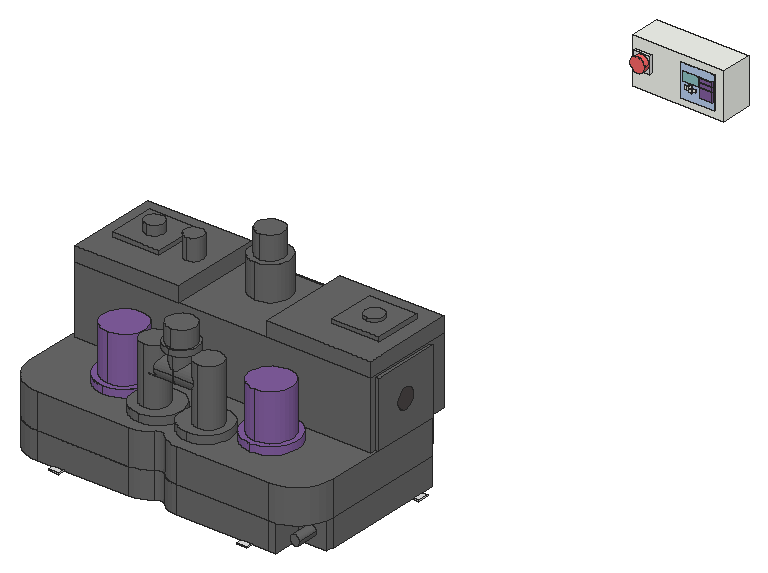
Revit family "11028", category Generic Models, Revit 2021
Family settings
  Can host rebar = No
  Round Connector Dimension = Use Diameter
  Part Type = Normal
  Work Plane-Based = No
  Always vertical = Yes
  Cut with Voids When Loaded = No
  Shared = Yes
  Room Calculation Point = No
Parameters (values of type "11028")
  SUPPLIER = "KESSEL"
  SA700ID49 = "Protection Class I"
  SA700ID48 = "no"
  SA700ID47 = "no"
  SA700ID46 = "yes"
  SA700ID37 = 8000 mm
  SA700ID34 = 40
  SA700ID33 = 1.4 W
  SA700ID32 = 108.79 kg
  SA700ID31 = 1
  SA700ID30 = 2
  SA700ID29 = "RWDR"
  SA700ID21 = 800
  SA700ID10 = "yes"
  SA700ID08 = 400 V
  PROCUREWEBLINK = "https://p.caden.as/kessel/11028"
  PROCURELINK = "p.caden.as/kessel/11028"
  PROCUREDATALASTUPDATE = "2024-05-22T12:17:49.497071152+01:00"
  PREVIEW = "../../_pool_/0c/50/11028.png"
  PRC_SPECIFICATIONLINK = "https://ausschreiben.de/catalog/kessel/catalogItem/b6e258f6-5da2-41d8-b64e-1c1fd999f329"
  NN = "Lifting station Aqualift F XL"
  NBSYN = "$SA810ID03."
  NB = "11028"
  Model = "11028"
  Manufacturer = "KESSEL"
  MIdent = "{$CADENAS_DATA/23d-libs/kessel/kessel_vdi_import/4/entwaesserung/hebeanlage20aqualift20f20xl.prj},201 {STYP=ASS},{VTYP=3D},{NB=11028},{LINA=11028},{NN=Lifting station Aqualift F XL},{DATE=21.11.2022 10:48:11},{GEOMDATE=21.11.2022 10:48:11},{VERSION=},{LINEID=250},{WBVAR=LODLEVEL},{WBNUMERIC=LODLEVEL}  {NB=11028},{LINA=11028},{KT=DUMMY},{PREVIEW=../../_pool_/0c/50/11028.png},{SA700ID04=Hebeanlage Aqualift F XL 300 l, Duo, SPF 1500-S3},{SA810ID06=04026092056950},{SA700ID34=40.00},{SA010ID03=201805},{SA810ID03=11028},{SA810ID10=Aqualift F XL 1500W-S3 Duo 300L o.S.KESSEL Aqualift F XL Hebeanlage für fäkalienhaltiges und fäkalienfreies Abwasser. Zur Aufstellung in frostgeschützten Räumen.Duoanlage mit zwei Pumpen des Typs SPF 1500-S3 Sammelbehälter aus Polyethylen, mit verschraubter Reinigungsöffnung,Anschlussstutzen für Zulauf von oben DN100/150.Inklusive Tauchrohr zur pneumatischen Niveauerfassung,Entlüftungsanschluss DN 70 und Anschluss für eine Handmembranpumpe DN 32.Behälter inklusive Haltewinkel zur Auftriebssicherung.Behältervolumen 300 Liter, max. Nutzvolumen bei Zulauf von oben ca. 175 Liter.Zwei seitliche und drei rückseitige Anbohrflächen zur Montage weiterer Zuläufe bis DN 200 unter Verwendung von Durchgangsdichtungen.Inklusive KESSEL Schaltgerät Aqualift Comfort 400 V.Anwenderfreundliche Menüführung im mehrzeiligem Display. MitSelbstdiagnosesystem (SDS) und Erinnerungsfunktion für nächste Wartung.Anzeige der aktuellen Messwerte. Einfache Einstellung derfunktionsrelevanten Parameter, inklusive Betriebsstundenzähler und potentialfreiem Kontakt. Optionale Weiterleitung von Alarm- und Sammelstörmeldung über GSM Schnittstelle.Schaltgerät mit Volltextanzeige in sechs Sprachen.Abwasserpumpe(n) mit Freistromrad zur Förderung von fäkalienfreiem und fäkalienhaltigem Abwasser gemäß DIN EN 12050-1. Freier Kugeldurchgang mindestens 40 mm. Pumpe(n) überflutungssicher.Inklusive Rückflussverhinderer, mit Druckabgang aus Kunststoff DN 100. Ohne Absperrschieber.Pumpe(n) Typ SPF 1500-S3Fördermenge: max. 40 m³/hFörderhöhe: max. 8 mNennleistung (P2): 1,1 KW je PumpeAufnahmeleistung (P1): 1,4 KW je PumpeBetriebsspannung: 400 V DSNennfrequenz: 50 HzNennstrom: 2,7 AAbsicherung: 3 x 16 A trägeSchutzart (Pumpe): IP68 3mWS/48hSchutzart (Schaltgerät): IP 65Bertiebsart: S3 (50 % Einschaltdauer)Kabellänge: 5 mAußenmaße Anlage mit 300 Liter Behälter (BxTxH): 1260 x 760 x 770 mm},{SA700ID37=8.00},{SA700ID33=1.40},{SA700ID08=400},{SA700ID30=2},{SA700ID32=108.79},{SA700ID49=Schutzklasse I},{SA700ID50=intern},{SA200ID03=6},{SA250ID03=vertikal},{SA260ID03=Trockenläuferpumpe},{SA350ID03=normalansaugend},{SA400ID03=E-Motor für Drehstrom},{SA460ID03=direkt},{SA500ID03=Kunststoff, Edelstahl},{SA700ID06=100},{SA700ID07=100},{SA700ID09=3/N/PE 400V},{SA700ID10=Ja},{SA700ID11=50},{SA700ID12=IP 68},{SA700ID13=F},{SA700ID15=40},{SA700ID21=800.00},{SA700ID22=1.10},{SA700ID23=1415},{SA700ID24=1415},{SA700ID26=2.70},{SA700ID27=21.00},{SA700ID28=durchgehend},{SA700ID29=RWDR},{SA700ID31=1},{SA700ID46=ja},{SA700ID47=nein},{SA700ID48=nein},{SA110ID04=Hebeanlage Aqualift F XL},{SA300ID03=einstufig},{SA700ID44=10.00},{SA700ID45=10.00},{SA010ID04=KESSEL AG},{LODLEVEL=200},{LINK=https://www.kessel.de/info?han=11028},{SA970ID01=970},{SA970ID02=7173},{SA970ID03=11028},{SA970ID04=11002617},{SA970ID05=QUAD},{SA970ID06=-655.51},{SA970ID07=-635.99},{SA970ID08=0},{SA970ID09=1},{SA970ID10=0},{SA970ID11=0},{SA970ID12=0},{SA970ID13=1},{SA970ID14=0},{SA970ID15=1311.02},{SA970ID16=785.99},{SA970ID17=771},{LODLEVEL_=200,'Low'},{LODLEVEL_DEU=200,'Low'},{LINK_=https://www.kessel.de/info?han=11028},{LINK_DEU=https://www.kessel.de/info?han=11028},{LODLEVEL_3DB=11028_200},{DNIN1=100},{DNIN2=70},{DNIN4=10},{DNIN5=10},{DNIN6=50},{DNIN7=50},{DNIN8=50},{DNIN9=50},{DNOUT1=32},{DNOUT2=100},{DNOUT3=70},{ISD1=96},{ISD2=10},{ISDOUT1=40},{ISDOUT2=85},{ISDOUT3=70},{SA010ID01=010},{SA010ID02=4},{SA010ID06=www.kessel.de},{SA010ID07=www.kessel.de},{SA010ID12=20180713},{SA010ID13=DEU},{SA010ID14=DE},{SA100ID01=100},{SA100ID02=4},{SA100ID04=Entwässerung},{SA110ID01=110},{SA110ID02=6},{SA200ID01=200},{SA200ID02=6},{SA250ID01=250},{SA250ID02=2},{SA260ID01=260},{SA260ID02=2},{SA300ID01=300},{SA300ID02=1},{SA350ID01=350},{SA350ID02=1},{SA400ID01=400},{SA400ID02=2},{SA460ID01=460},{SA460ID02=1},{SA500ID01=500},{SA500ID02=1},{SA700ID01=700},{SA700ID02=47},{SA700ID10_=1},{SA700ID16=0},{SA700ID25=0},{SA700ID46_=1},{SA700ID47_=0},{SA700ID48_=0},{SA700ID49_=1},{SA700ID50_=2},{SA800ID01=800},{SA800ID02=11},{SA810ID01=810},{SA810ID02=47},{SA810ID04=11028},{SA810ID07=47},{SA810ID09=1},{SA810ID14=PCE},{SA810ID15=1},{SA810ID16=NMP},{SA960ID03=47},{SA960ID04=3L},{SA960ID08=https://www.kessel.de/info?han=11028},{SA010ID08=4026092000007},{SA100ID05=Hebeanlage},{SA110ID06=Hebeanlage}"
  LINK = "https://www.kessel.de/info?han=11028"
  LINA = "11028"
  Default Elevation = 0 mm
  CREATOR = "CADENAS GmbH"
  CATALOG = "KESSEL"
  BOMINFO = "LINA"
  ARTICLENO = "NB"
  4.810.00.9 Order quantity (multiplicator) = "1"
  4.810.00.7 Media- connection number = "47"
  4.810.00.6 GTIN number = "04026092056950"
  4.810.00.4 DATANORM number = "11028"
  4.810.00.3 Producer order number = "11028"
  4.710.03.7 Mass (net) = 108.79 kg
  4.710.03.6 Height = 770 mm
  4.710.03.5 Width = 760 mm
  4.710.03.4 Length = 1260 mm
  4.710.03.3 Type of dimensions = "2"
  4.710.02.8 Area of application of wastewater pump = "1"
  4.710.02.7 Art des S2/S3-Betriebs = "50 %"
  4.710.02.6 Duty type = "S3"
  4.710.02.5 Cutting device = "0"
  4.710.02.4 Attached pump control = "1"
  4.710.02.3 Free passage = 40 mm
  4.710.01.6 Option to connect to building automation = "40"
  4.710.01.5 Load regulation = "0"
  4.710.01.4 Designation of closed-loop control = "175"
  4.710.01.3 Identifier for closed-loop control = "300"
  4.700.00.9 Voltage = 0
  4.700.00.8 Nominal connection size on suction side = "100"
  4.700.00.7 Nominal connection size on pressure side = "100"
  4.700.00.6 Type of connection = "100"
  4.700.00.4 Product indentification = "Hebeanlage Aqualift F XL 300 l, Duo, SPF 1500-S3"
  4.700.00.28 Motor pump shaft = "durchgehend"
  4.700.00.27 Starting current = 21
  4.700.00.26 Maximum power consumption per pump / drive = 2.7
  4.700.00.25 Minimum speed at internal speed adjustment = 0
  4.700.00.24 Nominal speed / maximum speed n = 23.5833
  4.700.00.23 Nominal speed of motor = 23.5833
  4.700.00.22 Maximum shaft output (P2) per pump/drive = 1.1 W
  4.700.00.16 Maximum temperature of pumped medium = 0 °C
  4.700.00.15 Increased safety class = "40 °C"
  4.700.00.13 Type of protection = "F"
  4.700.00.12 Frequency = 0
  4.700.00.11 Stern-/Dreieck-Anlaufschaltung bei Dreiphasenanschluss oder Drehstrom = "50 Hz"
  4.700.00.10 Phase = "1"
  4.500.00.3 Variant / Variant type / Accessories-name = "Kunststoff, Edelstahl"
  4.460.00.3 Variant / Variant type / Accessories-name = "direkt"
  4.400.00.3 Variant / Variant type / Accessories-name = "E-Motor für Drehstrom"
  4.350.00.3 Variant / Variant type / Accessories-name = "normalansaugend"
  4.300.00.3 Variant / Variant type / Accessories-name = "einstufig"
  4.260.00.3 Variant / Variant type / Accessories-name = "Trockenläuferpumpe"
  4.250.00.3 Variant / Variant type / Accessories-name = "vertikal"
  4.200.00.3 Variant / Variant type / Accessories-name = "6"
  4.110.00.6 Product classification = "Hebeanlage"
  4.110.00.4 Product indentification = "Hebeanlage Aqualift F XL"
  4.100.00.5 Main groups of wares = "Hebeanlage"
  4.100.00.4 Product indentification = "Entwässerung"
  4.010.00.8 Producer ID number = "4026092000007"
  4.010.00.7 Comment = "www.kessel.de"
  4.010.00.6 Web address of the manufacturer = "www.kessel.de"
  4.010.00.4 Manufacturer name = "KESSEL AG"
  4.010.00.3 Date of issuance (month) of guideline = "201805"
  4.010.00.2 Sheet number of the guideline = "4"
  4.010.00.14 Kennungen der Projektländer, für die die Datei gültig ist = "DE"
  4.010.00.13 Sprache der Datei = "DEU"
  4.010.00.12 Stand des Herstellerkatalogs = "20180713"
Reference planes
  plane 1 "Center (Front/Back)": y = 0
  plane 2: z = 0
  plane 3 "Center (Left/Right)": x = 0
Dimensions and locks
  aligned and locked: level to plane 2
Nested families
  nested 1: "11028_content" at (0, 0, 0), type "11028_Content"
  nested 2: "11028_part1_X0Y0" at (1000, 1000, 1200), type "11028_PART1_X0Y0"
  nested 3: "11028_part2_X0Y0" at (0, 0, 0), type "11028_PART2_X0Y0"
Connectors
  electrical at (861, 933, 1201.5)
    settings: on nested 2, index 1, voltage 0 V, apparent load 0 VA, apparent load phase1 0 VA, apparent load phase2 0 VA, apparent load phase3 0 VA, power factor 1, load classification "Other", number of poles 1, system type 31, power factor state 1, is connector primary yes, connector utility no, sub classification motor no, connector description ""
  piping at (0, 0, 771), diameter 100
    settings: on nested 3, index 2, connector inside diameter 609.6 mm, connector length 0 mm, flow factor 0, pipe flow 0.0 L/s, pressure drop 0.0 Pa, fitting loss kfactor 0, connector angle 0.00°, fixture units 0, engagement length 0 mm, angle of deflection 0.00°, flow configuration 0, flow direction 1, fitting loss method 2, system type 8, joint type 0, gender type 0, connector reference index -1, connector utility 0, adjustable connector no, is connector primary yes, connector description ""
  piping at (631, -85, 392), diameter 70
    settings: on nested 3, index 3, connector inside diameter 609.6 mm, connector length 0 mm, flow factor 0, pipe flow 0.0 L/s, pressure drop 0.0 Pa, fitting loss kfactor 0, connector angle 0.00°, fixture units 0, engagement length 0 mm, angle of deflection 0.00°, flow configuration 0, flow direction 0, fitting loss method 2, system type 8, joint type 0, gender type 0, connector reference index -1, connector utility 0, adjustable connector no, is connector primary no, connector description ""
  piping at (358.7, 150.5, 392), diameter 70
    settings: on nested 3, index 4, connector inside diameter 609.6 mm, connector length 0 mm, flow factor 0, pipe flow 0.0 L/s, pressure drop 0.0 Pa, fitting loss kfactor 0, connector angle 0.00°, fixture units 0, engagement length 0 mm, angle of deflection 0.00°, flow configuration 0, flow direction 0, fitting loss method 2, system type 8, joint type 0, gender type 0, connector reference index -1, connector utility 0, adjustable connector no, is connector primary no, connector description ""
  piping at (0, 150.5, 392), diameter 70
    settings: on nested 3, index 5, connector inside diameter 609.6 mm, connector length 0 mm, flow factor 0, pipe flow 0.0 L/s, pressure drop 0.0 Pa, fitting loss kfactor 0, connector angle 0.00°, fixture units 0, engagement length 0 mm, angle of deflection 0.00°, flow configuration 0, flow direction 0, fitting loss method 2, system type 8, joint type 0, gender type 0, connector reference index -1, connector utility 0, adjustable connector no, is connector primary no, connector description ""
  piping at (-357.7, 150.5, 392), diameter 70
    settings: on nested 3, index 6, connector inside diameter 609.6 mm, connector length 0 mm, flow factor 0, pipe flow 0.0 L/s, pressure drop 0.0 Pa, fitting loss kfactor 0, connector angle 0.00°, fixture units 0, engagement length 0 mm, angle of deflection 0.00°, flow configuration 0, flow direction 0, fitting loss method 2, system type 8, joint type 0, gender type 0, connector reference index -1, connector utility 0, adjustable connector no, is connector primary no, connector description ""
  piping at (-630, -85, 392), diameter 70
    settings: on nested 3, index 7, connector inside diameter 609.6 mm, connector length 0 mm, flow factor 0, pipe flow 0.0 L/s, pressure drop 0.0 Pa, fitting loss kfactor 0, connector angle 0.00°, fixture units 0, engagement length 0 mm, angle of deflection 0.00°, flow configuration 0, flow direction 0, fitting loss method 2, system type 8, joint type 0, gender type 0, connector reference index -1, connector utility 0, adjustable connector no, is connector primary no, connector description ""
  piping at (0, -460, 620), diameter 100
    settings: on nested 3, index 8, connector inside diameter 609.6 mm, connector length 0 mm, flow factor 0, pipe flow 0.0 L/s, pressure drop 0.0 Pa, fitting loss kfactor 0, connector angle 0.00°, fixture units 0, engagement length 0 mm, angle of deflection 0.00°, flow configuration 0, flow direction 2, fitting loss method 2, system type 7, joint type 0, gender type 0, connector reference index -1, connector utility 0, adjustable connector no, is connector primary no, connector description ""
  piping at (-269.5, -60, 681), diameter 70
    settings: on nested 3, index 9, connector inside diameter 609.6 mm, connector length 0 mm, flow factor 0, pipe flow 0.0 L/s, pressure drop 0.0 Pa, fitting loss kfactor 0, connector angle 0.00°, fixture units 0, engagement length 0 mm, angle of deflection 0.00°, flow configuration 0, flow direction 2, fitting loss method 2, system type 7, joint type 0, gender type 0, connector reference index -1, connector utility 0, adjustable connector no, is connector primary no, connector description ""
  piping at (565, -575.5, 56), diameter 32
    settings: on nested 3, index 10, connector inside diameter 609.6 mm, connector length 0 mm, flow factor 0, pipe flow 0.0 L/s, pressure drop 0.0 Pa, fitting loss kfactor 0, connector angle 0.00°, fixture units 0, engagement length 0 mm, angle of deflection 0.00°, flow configuration 0, flow direction 2, fitting loss method 2, system type 7, joint type 0, gender type 0, connector reference index -1, connector utility 0, adjustable connector no, is connector primary no, connector description ""
  electrical at (305.4, -376.25, 477)
    settings: on nested 3, index 11, voltage 0 V, apparent load 0 VA, apparent load phase1 0 VA, apparent load phase2 0 VA, apparent load phase3 0 VA, power factor 1, load classification "Other", number of poles 1, system type 31, power factor state 1, is connector primary no, connector utility no, sub classification motor no, connector description ""
  electrical at (-305.4, -376.25, 477)
    settings: on nested 3, index 12, voltage 0 V, apparent load 0 VA, apparent load phase1 0 VA, apparent load phase2 0 VA, apparent load phase3 0 VA, power factor 1, load classification "Other", number of poles 1, system type 31, power factor state 1, is connector primary no, connector utility no, sub classification motor no, connector description ""
  electrical at (-457, -29.5, 650)
    settings: on nested 3, index 13, voltage 0 V, apparent load 0 VA, apparent load phase1 0 VA, apparent load phase2 0 VA, apparent load phase3 0 VA, power factor 1, load classification "Other", number of poles 1, system type 31, power factor state 1, is connector primary no, connector utility no, sub classification motor no, connector description ""
Definition of nested family "11028_part1_X0Y0"
  Parameters (values of type "11028_PART1_X0Y0")
    SUPPLIER = "KESSEL"
    SA700ID49 = "Protection Class I"
    SA700ID48 = "no"
    SA700ID47 = "no"
    SA700ID46 = "yes"
    SA700ID37 = 8000 mm
    SA700ID34 = 40
    SA700ID33 = 1.4 W
    SA700ID32 = 108.79 kg
    SA700ID31 = 1
    SA700ID30 = 2
    SA700ID29 = "RWDR"
    SA700ID21 = 800
    SA700ID10 = "yes"
    SA700ID08 = 400 V
    PREVIEW = "../../_pool_/0c/50/11028.png"
    NBSYN = "$SA810ID03._PART1"
    NB = "11028_PART1"
    Model = "11028_PART1"
    Manufacturer = "KESSEL"
    MIdent = "{$CADENAS_DATA/23d-libs/kessel/kessel_vdi_import/4/entwaesserung/hebeanlage20aqualift20f20xl.prj},221 {VTYP=3D},{NB=11028_PART1},{LINA=11028_PART1},{NN=Lifting station Aqualift F XL_PART1},{NOPRJ=TRUE},{DATE=21.11.2022 10:48:11},{GEOMDATE=21.11.2022 10:48:11},{VERSION=},{LINEID=250},{WBVAR=LODLEVEL},{WBNUMERIC=LODLEVEL}  {NB=11028_PART1},{LINA=11028_PART1},{KT=DUMMY},{PREVIEW=../../_pool_/0c/50/11028.png},{SA700ID04=Hebeanlage Aqualift F XL 300 l, Duo, SPF 1500-S3},{SA810ID06=04026092056950},{SA700ID34=40.00},{SA010ID03=201805},{SA810ID03=11028},{SA810ID10=Aqualift F XL 1500W-S3 Duo 300L o.S.KESSEL Aqualift F XL Hebeanlage für fäkalienhaltiges und fäkalienfreies Abwasser. Zur Aufstellung in frostgeschützten Räumen.Duoanlage mit zwei Pumpen des Typs SPF 1500-S3 Sammelbehälter aus Polyethylen, mit verschraubter Reinigungsöffnung,Anschlussstutzen für Zulauf von oben DN100/150.Inklusive Tauchrohr zur pneumatischen Niveauerfassung,Entlüftungsanschluss DN 70 und Anschluss für eine Handmembranpumpe DN 32.Behälter inklusive Haltewinkel zur Auftriebssicherung.Behältervolumen 300 Liter, max. Nutzvolumen bei Zulauf von oben ca. 175 Liter.Zwei seitliche und drei rückseitige Anbohrflächen zur Montage weiterer Zuläufe bis DN 200 unter Verwendung von Durchgangsdichtungen.Inklusive KESSEL Schaltgerät Aqualift Comfort 400 V.Anwenderfreundliche Menüführung im mehrzeiligem Display. MitSelbstdiagnosesystem (SDS) und Erinnerungsfunktion für nächste Wartung.Anzeige der aktuellen Messwerte. Einfache Einstellung derfunktionsrelevanten Parameter, inklusive Betriebsstundenzähler und potentialfreiem Kontakt. Optionale Weiterleitung von Alarm- und Sammelstörmeldung über GSM Schnittstelle.Schaltgerät mit Volltextanzeige in sechs Sprachen.Abwasserpumpe(n) mit Freistromrad zur Förderung von fäkalienfreiem und fäkalienhaltigem Abwasser gemäß DIN EN 12050-1. Freier Kugeldurchgang mindestens 40 mm. Pumpe(n) überflutungssicher.Inklusive Rückflussverhinderer, mit Druckabgang aus Kunststoff DN 100. Ohne Absperrschieber.Pumpe(n) Typ SPF 1500-S3Fördermenge: max. 40 m³/hFörderhöhe: max. 8 mNennleistung (P2): 1,1 KW je PumpeAufnahmeleistung (P1): 1,4 KW je PumpeBetriebsspannung: 400 V DSNennfrequenz: 50 HzNennstrom: 2,7 AAbsicherung: 3 x 16 A trägeSchutzart (Pumpe): IP68 3mWS/48hSchutzart (Schaltgerät): IP 65Bertiebsart: S3 (50 % Einschaltdauer)Kabellänge: 5 mAußenmaße Anlage mit 300 Liter Behälter (BxTxH): 1260 x 760 x 770 mm},{SA700ID37=8.00},{SA700ID33=1.40},{SA700ID08=400},{SA700ID30=2},{SA700ID32=108.79},{SA700ID49=Schutzklasse I},{SA700ID50=intern},{SA200ID03=6},{SA250ID03=vertikal},{SA260ID03=Trockenläuferpumpe},{SA350ID03=normalansaugend},{SA400ID03=E-Motor für Drehstrom},{SA460ID03=direkt},{SA500ID03=Kunststoff, Edelstahl},{SA700ID06=100},{SA700ID07=100},{SA700ID09=3/N/PE 400V},{SA700ID10=Ja},{SA700ID11=50},{SA700ID12=IP 68},{SA700ID13=F},{SA700ID15=40},{SA700ID21=800.00},{SA700ID22=1.10},{SA700ID23=1415},{SA700ID24=1415},{SA700ID26=2.70},{SA700ID27=21.00},{SA700ID28=durchgehend},{SA700ID29=RWDR},{SA700ID31=1},{SA700ID46=ja},{SA700ID47=nein},{SA700ID48=nein},{SA110ID04=Hebeanlage Aqualift F XL},{SA300ID03=einstufig},{SA700ID44=10.00},{SA700ID45=10.00},{SA010ID04=KESSEL AG},{LODLEVEL=200},{LINK=https://www.kessel.de/info?han=11028},{SA970ID01=970},{SA970ID02=7173},{SA970ID03=11028},{SA970ID04=11002617},{SA970ID05=QUAD},{SA970ID06=-655.51},{SA970ID07=-635.99},{SA970ID08=0},{SA970ID09=1},{SA970ID10=0},{SA970ID11=0},{SA970ID12=0},{SA970ID13=1},{SA970ID14=0},{SA970ID15=1311.02},{SA970ID16=785.99},{SA970ID17=771},{LODLEVEL_=200,'Low'},{LODLEVEL_DEU=200,'Low'},{LINK_=https://www.kessel.de/info?han=11028},{LINK_DEU=https://www.kessel.de/info?han=11028},{LODLEVEL_3DB=11028_200},{DNIN1=100},{DNIN2=70},{DNIN4=10},{DNIN5=10},{DNIN6=50},{DNIN7=50},{DNIN8=50},{DNIN9=50},{DNOUT1=32},{DNOUT2=100},{DNOUT3=70},{ISD1=96},{ISD2=10},{ISDOUT1=40},{ISDOUT2=85},{ISDOUT3=70},{SA010ID01=010},{SA010ID02=4},{SA010ID06=www.kessel.de},{SA010ID07=www.kessel.de},{SA010ID12=20180713},{SA010ID13=DEU},{SA010ID14=DE},{SA100ID01=100},{SA100ID02=4},{SA100ID04=Entwässerung},{SA110ID01=110},{SA110ID02=6},{SA200ID01=200},{SA200ID02=6},{SA250ID01=250},{SA250ID02=2},{SA260ID01=260},{SA260ID02=2},{SA300ID01=300},{SA300ID02=1},{SA350ID01=350},{SA350ID02=1},{SA400ID01=400},{SA400ID02=2},{SA460ID01=460},{SA460ID02=1},{SA500ID01=500},{SA500ID02=1},{SA700ID01=700},{SA700ID02=47},{SA700ID10_=1},{SA700ID16=0},{SA700ID25=0},{SA700ID46_=1},{SA700ID47_=0},{SA700ID48_=0},{SA700ID49_=1},{SA700ID50_=2},{SA800ID01=800},{SA800ID02=11},{SA810ID01=810},{SA810ID02=47},{SA810ID04=11028},{SA810ID07=47},{SA810ID09=1},{SA810ID14=PCE},{SA810ID15=1},{SA810ID16=NMP},{SA960ID03=47},{SA960ID04=3L},{SA960ID08=https://www.kessel.de/info?han=11028},{SA010ID08=4026092000007},{SA100ID05=Hebeanlage},{SA110ID06=Hebeanlage}"
    LINK = "https://www.kessel.de/info?han=11028"
    LINA = "11028_PART1"
    Default Elevation = 1219.2 mm
    CREATOR = "CADENAS GmbH"
    CATALOG = "KESSEL"
    BOMINFO = "LINA"
    ARTICLENO = "NB"
    4.810.00.9 Order quantity (multiplicator) = "1"
    4.810.00.7 Media- connection number = "47"
    4.810.00.6 GTIN number = "04026092056950"
    4.810.00.4 DATANORM number = "11028"
    4.810.00.3 Producer order number = "11028"
    4.710.03.7 Mass (net) = 108.79 kg
    4.710.03.6 Height = 770 mm
    4.710.03.5 Width = 760 mm
    4.710.03.4 Length = 1260 mm
    4.710.03.3 Type of dimensions = "2"
    4.710.02.8 Area of application of wastewater pump = "1"
    4.710.02.7 Art des S2/S3-Betriebs = "50 %"
    4.710.02.6 Duty type = "S3"
    4.710.02.5 Cutting device = "0"
    4.710.02.4 Attached pump control = "1"
    4.710.02.3 Free passage = 40 mm
    4.710.01.6 Option to connect to building automation = "40"
    4.710.01.5 Load regulation = "0"
    4.710.01.4 Designation of closed-loop control = "175"
    4.710.01.3 Identifier for closed-loop control = "300"
    4.700.00.9 Voltage = 0
    4.700.00.8 Nominal connection size on suction side = "100"
    4.700.00.7 Nominal connection size on pressure side = "100"
    4.700.00.6 Type of connection = "100"
    4.700.00.4 Product indentification = "Hebeanlage Aqualift F XL 300 l, Duo, SPF 1500-S3"
    4.700.00.28 Motor pump shaft = "durchgehend"
    4.700.00.27 Starting current = 21
    4.700.00.26 Maximum power consumption per pump / drive = 2.7
    4.700.00.25 Minimum speed at internal speed adjustment = 0
    4.700.00.24 Nominal speed / maximum speed n = 23.5833
    4.700.00.23 Nominal speed of motor = 23.5833
    4.700.00.22 Maximum shaft output (P2) per pump/drive = 1.1 W
    4.700.00.16 Maximum temperature of pumped medium = 0 °C
    4.700.00.15 Increased safety class = "40 °C"
    4.700.00.13 Type of protection = "F"
    4.700.00.12 Frequency = 0
    4.700.00.11 Stern-/Dreieck-Anlaufschaltung bei Dreiphasenanschluss oder Drehstrom = "50 Hz"
    4.700.00.10 Phase = "1"
    4.500.00.3 Variant / Variant type / Accessories-name = "Kunststoff, Edelstahl"
    4.460.00.3 Variant / Variant type / Accessories-name = "direkt"
    4.400.00.3 Variant / Variant type / Accessories-name = "E-Motor für Drehstrom"
    4.350.00.3 Variant / Variant type / Accessories-name = "normalansaugend"
    4.300.00.3 Variant / Variant type / Accessories-name = "einstufig"
    4.260.00.3 Variant / Variant type / Accessories-name = "Trockenläuferpumpe"
    4.250.00.3 Variant / Variant type / Accessories-name = "vertikal"
    4.200.00.3 Variant / Variant type / Accessories-name = "6"
    4.110.00.6 Product classification = "Hebeanlage"
    4.110.00.4 Product indentification = "Hebeanlage Aqualift F XL"
    4.100.00.5 Main groups of wares = "Hebeanlage"
    4.100.00.4 Product indentification = "Entwässerung"
    4.010.00.8 Producer ID number = "4026092000007"
    4.010.00.7 Comment = "www.kessel.de"
    4.010.00.6 Web address of the manufacturer = "www.kessel.de"
    4.010.00.4 Manufacturer name = "KESSEL AG"
    4.010.00.3 Date of issuance (month) of guideline = "201805"
    4.010.00.2 Sheet number of the guideline = "4"
    4.010.00.14 Kennungen der Projektländer, für die die Datei gültig ist = "DE"
    4.010.00.13 Sprache der Datei = "DEU"
    4.010.00.12 Stand des Herstellerkatalogs = "20180713"
  Reference planes
    plane 1 "Center (Front/Back)": y = 0
    plane 2: z = 0
    plane 3 "Center (Left/Right)": x = 0
  Dimensions and locks
    aligned and locked: level to plane 2
  Nested families
    nested 1: "11028_part1_content" at (0, 0, 0), type "11028_PART1_Content"
  Definition of nested family "11028_part1_content"
    Parameters (values of type "11028_PART1_Content")
      SUPPLIER = "KESSEL"
      SA700ID49 = "Protection Class I"
      SA700ID48 = "no"
      SA700ID47 = "no"
      SA700ID46 = "yes"
      SA700ID37 = 8000 mm
      SA700ID34 = 40
      SA700ID33 = 1.4 W
      SA700ID32 = 108.79 kg
      SA700ID31 = 1
      SA700ID30 = 2
      SA700ID29 = "RWDR"
      SA700ID21 = 800
      SA700ID10 = "yes"
      SA700ID08 = 400 V
      PREVIEW = "../../_pool_/0c/50/11028.png"
      NBSYN = "$SA810ID03._PART1"
      NB = "11028_PART1"
      Model = "11028_PART1"
      Manufacturer = "KESSEL"
      LINK = "https://www.kessel.de/info?han=11028"
      LINA = "11028_PART1"
      Default Elevation = 1219.2 mm
      CREATOR = "CADENAS GmbH"
      CATALOG = "KESSEL"
      BOMINFO = "LINA"
      ARTICLENO = "NB"
      4.810.00.9 Order quantity (multiplicator) = "1"
      4.810.00.7 Media- connection number = "47"
      4.810.00.6 GTIN number = "04026092056950"
      4.810.00.4 DATANORM number = "11028"
      4.810.00.3 Producer order number = "11028"
      4.710.03.7 Mass (net) = 108.79 kg
      4.710.03.6 Height = 770 mm
      4.710.03.5 Width = 760 mm
      4.710.03.4 Length = 1260 mm
      4.710.03.3 Type of dimensions = "2"
      4.710.02.8 Area of application of wastewater pump = "1"
      4.710.02.7 Art des S2/S3-Betriebs = "50 %"
      4.710.02.6 Duty type = "S3"
      4.710.02.5 Cutting device = "0"
      4.710.02.4 Attached pump control = "1"
      4.710.02.3 Free passage = 40 mm
      4.710.01.6 Option to connect to building automation = "40"
      4.710.01.5 Load regulation = "0"
      4.710.01.4 Designation of closed-loop control = "175"
      4.710.01.3 Identifier for closed-loop control = "300"
      4.700.00.9 Voltage = 0
      4.700.00.8 Nominal connection size on suction side = "100"
      4.700.00.7 Nominal connection size on pressure side = "100"
      4.700.00.6 Type of connection = "100"
      4.700.00.4 Product indentification = "Hebeanlage Aqualift F XL 300 l, Duo, SPF 1500-S3"
      4.700.00.28 Motor pump shaft = "durchgehend"
      4.700.00.27 Starting current = 21
      4.700.00.26 Maximum power consumption per pump / drive = 2.7
      4.700.00.25 Minimum speed at internal speed adjustment = 0
      4.700.00.24 Nominal speed / maximum speed n = 23.5833
      4.700.00.23 Nominal speed of motor = 23.5833
      4.700.00.22 Maximum shaft output (P2) per pump/drive = 1.1 W
      4.700.00.16 Maximum temperature of pumped medium = 0 °C
      4.700.00.15 Increased safety class = "40 °C"
      4.700.00.13 Type of protection = "F"
      4.700.00.12 Frequency = 0
      4.700.00.11 Stern-/Dreieck-Anlaufschaltung bei Dreiphasenanschluss oder Drehstrom = "50 Hz"
      4.700.00.10 Phase = "1"
      4.500.00.3 Variant / Variant type / Accessories-name = "Kunststoff, Edelstahl"
      4.460.00.3 Variant / Variant type / Accessories-name = "direkt"
      4.400.00.3 Variant / Variant type / Accessories-name = "E-Motor für Drehstrom"
      4.350.00.3 Variant / Variant type / Accessories-name = "normalansaugend"
      4.300.00.3 Variant / Variant type / Accessories-name = "einstufig"
      4.260.00.3 Variant / Variant type / Accessories-name = "Trockenläuferpumpe"
      4.250.00.3 Variant / Variant type / Accessories-name = "vertikal"
      4.200.00.3 Variant / Variant type / Accessories-name = "6"
      4.110.00.6 Product classification = "Hebeanlage"
      4.110.00.4 Product indentification = "Hebeanlage Aqualift F XL"
      4.100.00.5 Main groups of wares = "Hebeanlage"
      4.100.00.4 Product indentification = "Entwässerung"
      4.010.00.8 Producer ID number = "4026092000007"
      4.010.00.7 Comment = "www.kessel.de"
      4.010.00.6 Web address of the manufacturer = "www.kessel.de"
      4.010.00.4 Manufacturer name = "KESSEL AG"
      4.010.00.3 Date of issuance (month) of guideline = "201805"
      4.010.00.2 Sheet number of the guideline = "4"
      4.010.00.14 Kennungen der Projektländer, für die die Datei gültig ist = "DE"
      4.010.00.13 Sprache der Datei = "DEU"
      4.010.00.12 Stand des Herstellerkatalogs = "20180713"
    Reference planes
      plane 1 "Center (Front/Back)": y = 0
      plane 2: z = 0
      plane 3 "Center (Left/Right)": x = 0
    Forms (mm)
      Extrusion 1, solid, detail levels medium+fine
        sketch origin (189.25, -1.75, 0.2) x (0, -1, 0) y (0, 0, 1)
          loop
            line (0, 187.8) -> (0, 0) -> (127.75, 0) -> (127.75, 187.8) -> (0, 187.8)
        from 0 to 378.5
      Extrusion 2, solid, detail levels medium+fine
        sketch origin (-4, -67, 0) x (0, 1, 0) y (-1, 0, 0)
          loop
            circle (0, 0) r 12.5
        from 0 to 1.5
      Extrusion 3, solid, detail levels medium+fine
        sketch origin (150.8, -129.5, 26.5) x (0, -1, 0) y (0, 0, 1)
          loop
            line (-1.2, 134.8) -> (-1.2, 0) -> (0.25, 0) -> (0.25, 134.8) -> (-1.2, 134.8)
        from 0 to 139.9
      Extrusion 4, solid, detail levels medium+fine
        sketch origin (72.55, -129.75, 66) x (0, -1, 0) y (0, 0, 1)
          loop
            line (-1, 12) -> (-1, 0) -> (0.5, 0) -> (0.5, 12) -> (-1, 12)
        from 0 to 12
      Extrusion 5, solid, detail levels medium+fine
        sketch origin (84.45, -129.75, 93.4) x (0, -1, 0) y (0, 0, 1)
          loop
            line (-1, 37) -> (-1, 0) -> (0.5, 0) -> (0.5, 37) -> (-1, 37)
        from 0 to 66
      Extrusion 6, solid, detail levels medium+fine
        sketch origin (55.3, -129.75, 74) x (0, -1, 0) y (0, 0, 1)
          loop
            line (-1, 12) -> (-1, 0) -> (0.5, 0) -> (0.5, 12) -> (-1, 12)
        from 0 to 12
      Extrusion 7, solid, detail levels medium+fine
        sketch origin (143.3, -129.75, 94.4) x (0, -1, 0) y (0, 0, 1)
          loop
            line (0, 16) -> (0, 0) -> (1.75, 0) -> (1.75, 16) -> (0, 16)
        from 0 to 51
      Extrusion 8, solid, detail levels medium+fine
        sketch origin (143.3, -129.75, 54.4) x (0, -1, 0) y (0, 0, 1)
          loop
            line (0, 36) -> (0, 0) -> (1.75, 0) -> (1.75, 36) -> (0, 36)
        from 0 to 51
      Extrusion 9, solid, detail levels medium+fine
        sketch origin (55.3, -129.75, 57.5) x (0, -1, 0) y (0, 0, 1)
          loop
            line (-1, 12) -> (-1, 0) -> (0.5, 0) -> (0.5, 12) -> (-1, 12)
        from 0 to 12
      Extrusion 10, solid, detail levels medium+fine
        sketch origin (143.3, -129.75, 114.4) x (0, -1, 0) y (0, 0, 1)
          loop
            line (0, 16) -> (0, 0) -> (1.75, 0) -> (1.75, 16) -> (0, 16)
        from 0 to 51
      Extrusion 11, solid, detail levels medium+fine
        sketch origin (38.05, -129.75, 66) x (0, -1, 0) y (0, 0, 1)
          loop
            line (-1, 12) -> (-1, 0) -> (0.5, 0) -> (0.5, 12) -> (-1, 12)
        from 0 to 12
      Extrusion 12, solid, detail levels medium+fine
        sketch origin (47, -72, 0) x (0, 1, 0) y (-1, 0, 0)
          loop
            circle (0, 0) r 8
        from 0 to 1.5
      Extrusion 13, solid, detail levels medium+fine
        sketch origin (47, -42, 0) x (0, 1, 0) y (-1, 0, 0)
          loop
            circle (0, 0) r 5.25
        from 0 to 1.5
      Extrusion 14, solid, detail levels medium+fine
        sketch origin (77, -72, 0) x (0, 1, 0) y (-1, 0, 0)
          loop
            circle (0, 0) r 8
        from 0 to 1.5
      Extrusion 15, solid, detail levels medium+fine
        sketch origin (-94, -67, 0) x (0, 1, 0) y (-1, 0, 0)
          loop
            circle (0, 0) r 12.5
        from 0 to 1.5
      Extrusion 16, solid, detail levels medium+fine
        sketch origin (92, -42, 0) x (0, 1, 0) y (-1, 0, 0)
          loop
            circle (0, 0) r 8
        from 0 to 1.5
      Extrusion 17, solid, detail levels medium+fine
        sketch origin (107, -72, 0) x (0, 1, 0) y (-1, 0, 0)
          loop
            circle (0, 0) r 8
        from 0 to 1.5
      Extrusion 18, solid, detail levels medium+fine
        sketch origin (122, -42, 0) x (0, 1, 0) y (-1, 0, 0)
          loop
            circle (0, 0) r 8
        from 0 to 1.5
      Extrusion 19, solid, detail levels medium+fine
        sketch origin (-107.7, -129.5, 76.9) x (0, -1, 0) y (0, 0, 1)
          loop
            line (0, 67) -> (0, 0) -> (14, 0) -> (14, 67) -> (0, 67)
        from 0 to 67
      Extrusion 20, solid, detail levels medium+fine
        sketch origin (-141.2, -143.5, 110.4) x (1, 0, 0) y (0, 0, 1)
          loop
            circle (0, 0) r 30
        from 0 to 22
      Extrusion 21, solid, detail levels medium+fine
        sketch origin (127, -15, 0) x (0, 1, 0) y (-1, 0, 0)
          loop
            circle (0, 0) r 6
        from 0 to 1.5
      Extrusion 22, solid, detail levels medium+fine
        sketch origin (137, -72, 0) x (0, 1, 0) y (-1, 0, 0)
          loop
            circle (0, 0) r 8
        from 0 to 1.5
      Extrusion 23, solid, detail levels medium+fine
        sketch origin (-139, -67, 0) x (0, 1, 0) y (-1, 0, 0)
          loop
            circle (0, 0) r 12.5
        from 0 to 1.5
      Extrusion 24, solid, detail levels medium+fine
        sketch origin (152, -42, 0) x (0, 1, 0) y (-1, 0, 0)
          loop
            circle (0, 0) r 8
        from 0 to 1.5
      Extrusion 25, solid, detail levels coarse
        sketch origin (0, -83.625, 0) x (1, 0, 0) y (0, 1, 0)
          loop
            line (-189.25, -81.875) -> (189.25, -81.875) -> (189.25, 81.875) -> (-189.25, 81.875) -> (-189.25, -81.875)
        from 0 to 188
    Dimensions and locks
      aligned and locked: level to plane 2
Definition of nested family "11028_part2_X0Y0"
  Parameters (values of type "11028_PART2_X0Y0")
    SUPPLIER = "KESSEL"
    SA700ID49 = "Protection Class I"
    SA700ID48 = "no"
    SA700ID47 = "no"
    SA700ID46 = "yes"
    SA700ID37 = 8000 mm
    SA700ID34 = 40
    SA700ID33 = 1.4 W
    SA700ID32 = 108.79 kg
    SA700ID31 = 1
    SA700ID30 = 2
    SA700ID29 = "RWDR"
    SA700ID21 = 800
    SA700ID10 = "yes"
    SA700ID08 = 400 V
    PREVIEW = "../../_pool_/0c/50/11028.png"
    NBSYN = "$SA810ID03._PART2"
    NB = "11028_PART2"
    Model = "11028_PART2"
    Manufacturer = "KESSEL"
    MIdent = "{$CADENAS_DATA/23d-libs/kessel/kessel_vdi_import/4/entwaesserung/hebeanlage20aqualift20f20xl.prj},221 {VTYP=3D},{NB=11028_PART2},{LINA=11028_PART2},{NN=Lifting station Aqualift F XL_PART2},{NOPRJ=TRUE},{DATE=21.11.2022 10:48:11},{GEOMDATE=21.11.2022 10:48:11},{VERSION=},{LINEID=250},{WBVAR=LODLEVEL},{WBNUMERIC=LODLEVEL}  {NB=11028_PART2},{LINA=11028_PART2},{KT=DUMMY},{PREVIEW=../../_pool_/0c/50/11028.png},{SA700ID04=Hebeanlage Aqualift F XL 300 l, Duo, SPF 1500-S3},{SA810ID06=04026092056950},{SA700ID34=40.00},{SA010ID03=201805},{SA810ID03=11028},{SA810ID10=Aqualift F XL 1500W-S3 Duo 300L o.S.KESSEL Aqualift F XL Hebeanlage für fäkalienhaltiges und fäkalienfreies Abwasser. Zur Aufstellung in frostgeschützten Räumen.Duoanlage mit zwei Pumpen des Typs SPF 1500-S3 Sammelbehälter aus Polyethylen, mit verschraubter Reinigungsöffnung,Anschlussstutzen für Zulauf von oben DN100/150.Inklusive Tauchrohr zur pneumatischen Niveauerfassung,Entlüftungsanschluss DN 70 und Anschluss für eine Handmembranpumpe DN 32.Behälter inklusive Haltewinkel zur Auftriebssicherung.Behältervolumen 300 Liter, max. Nutzvolumen bei Zulauf von oben ca. 175 Liter.Zwei seitliche und drei rückseitige Anbohrflächen zur Montage weiterer Zuläufe bis DN 200 unter Verwendung von Durchgangsdichtungen.Inklusive KESSEL Schaltgerät Aqualift Comfort 400 V.Anwenderfreundliche Menüführung im mehrzeiligem Display. MitSelbstdiagnosesystem (SDS) und Erinnerungsfunktion für nächste Wartung.Anzeige der aktuellen Messwerte. Einfache Einstellung derfunktionsrelevanten Parameter, inklusive Betriebsstundenzähler und potentialfreiem Kontakt. Optionale Weiterleitung von Alarm- und Sammelstörmeldung über GSM Schnittstelle.Schaltgerät mit Volltextanzeige in sechs Sprachen.Abwasserpumpe(n) mit Freistromrad zur Förderung von fäkalienfreiem und fäkalienhaltigem Abwasser gemäß DIN EN 12050-1. Freier Kugeldurchgang mindestens 40 mm. Pumpe(n) überflutungssicher.Inklusive Rückflussverhinderer, mit Druckabgang aus Kunststoff DN 100. Ohne Absperrschieber.Pumpe(n) Typ SPF 1500-S3Fördermenge: max. 40 m³/hFörderhöhe: max. 8 mNennleistung (P2): 1,1 KW je PumpeAufnahmeleistung (P1): 1,4 KW je PumpeBetriebsspannung: 400 V DSNennfrequenz: 50 HzNennstrom: 2,7 AAbsicherung: 3 x 16 A trägeSchutzart (Pumpe): IP68 3mWS/48hSchutzart (Schaltgerät): IP 65Bertiebsart: S3 (50 % Einschaltdauer)Kabellänge: 5 mAußenmaße Anlage mit 300 Liter Behälter (BxTxH): 1260 x 760 x 770 mm},{SA700ID37=8.00},{SA700ID33=1.40},{SA700ID08=400},{SA700ID30=2},{SA700ID32=108.79},{SA700ID49=Schutzklasse I},{SA700ID50=intern},{SA200ID03=6},{SA250ID03=vertikal},{SA260ID03=Trockenläuferpumpe},{SA350ID03=normalansaugend},{SA400ID03=E-Motor für Drehstrom},{SA460ID03=direkt},{SA500ID03=Kunststoff, Edelstahl},{SA700ID06=100},{SA700ID07=100},{SA700ID09=3/N/PE 400V},{SA700ID10=Ja},{SA700ID11=50},{SA700ID12=IP 68},{SA700ID13=F},{SA700ID15=40},{SA700ID21=800.00},{SA700ID22=1.10},{SA700ID23=1415},{SA700ID24=1415},{SA700ID26=2.70},{SA700ID27=21.00},{SA700ID28=durchgehend},{SA700ID29=RWDR},{SA700ID31=1},{SA700ID46=ja},{SA700ID47=nein},{SA700ID48=nein},{SA110ID04=Hebeanlage Aqualift F XL},{SA300ID03=einstufig},{SA700ID44=10.00},{SA700ID45=10.00},{SA010ID04=KESSEL AG},{LODLEVEL=200},{LINK=https://www.kessel.de/info?han=11028},{SA970ID01=970},{SA970ID02=7173},{SA970ID03=11028},{SA970ID04=11002617},{SA970ID05=QUAD},{SA970ID06=-655.51},{SA970ID07=-635.99},{SA970ID08=0},{SA970ID09=1},{SA970ID10=0},{SA970ID11=0},{SA970ID12=0},{SA970ID13=1},{SA970ID14=0},{SA970ID15=1311.02},{SA970ID16=785.99},{SA970ID17=771},{LODLEVEL_=200,'Low'},{LODLEVEL_DEU=200,'Low'},{LINK_=https://www.kessel.de/info?han=11028},{LINK_DEU=https://www.kessel.de/info?han=11028},{LODLEVEL_3DB=11028_200},{DNIN1=100},{DNIN2=70},{DNIN4=10},{DNIN5=10},{DNIN6=50},{DNIN7=50},{DNIN8=50},{DNIN9=50},{DNOUT1=32},{DNOUT2=100},{DNOUT3=70},{ISD1=96},{ISD2=10},{ISDOUT1=40},{ISDOUT2=85},{ISDOUT3=70},{SA010ID01=010},{SA010ID02=4},{SA010ID06=www.kessel.de},{SA010ID07=www.kessel.de},{SA010ID12=20180713},{SA010ID13=DEU},{SA010ID14=DE},{SA100ID01=100},{SA100ID02=4},{SA100ID04=Entwässerung},{SA110ID01=110},{SA110ID02=6},{SA200ID01=200},{SA200ID02=6},{SA250ID01=250},{SA250ID02=2},{SA260ID01=260},{SA260ID02=2},{SA300ID01=300},{SA300ID02=1},{SA350ID01=350},{SA350ID02=1},{SA400ID01=400},{SA400ID02=2},{SA460ID01=460},{SA460ID02=1},{SA500ID01=500},{SA500ID02=1},{SA700ID01=700},{SA700ID02=47},{SA700ID10_=1},{SA700ID16=0},{SA700ID25=0},{SA700ID46_=1},{SA700ID47_=0},{SA700ID48_=0},{SA700ID49_=1},{SA700ID50_=2},{SA800ID01=800},{SA800ID02=11},{SA810ID01=810},{SA810ID02=47},{SA810ID04=11028},{SA810ID07=47},{SA810ID09=1},{SA810ID14=PCE},{SA810ID15=1},{SA810ID16=NMP},{SA960ID03=47},{SA960ID04=3L},{SA960ID08=https://www.kessel.de/info?han=11028},{SA010ID08=4026092000007},{SA100ID05=Hebeanlage},{SA110ID06=Hebeanlage}"
    LINK = "https://www.kessel.de/info?han=11028"
    LINA = "11028_PART2"
    Default Elevation = 1219.2 mm
    CREATOR = "CADENAS GmbH"
    CATALOG = "KESSEL"
    BOMINFO = "LINA"
    ARTICLENO = "NB"
    4.810.00.9 Order quantity (multiplicator) = "1"
    4.810.00.7 Media- connection number = "47"
    4.810.00.6 GTIN number = "04026092056950"
    4.810.00.4 DATANORM number = "11028"
    4.810.00.3 Producer order number = "11028"
    4.710.03.7 Mass (net) = 108.79 kg
    4.710.03.6 Height = 770 mm
    4.710.03.5 Width = 760 mm
    4.710.03.4 Length = 1260 mm
    4.710.03.3 Type of dimensions = "2"
    4.710.02.8 Area of application of wastewater pump = "1"
    4.710.02.7 Art des S2/S3-Betriebs = "50 %"
    4.710.02.6 Duty type = "S3"
    4.710.02.5 Cutting device = "0"
    4.710.02.4 Attached pump control = "1"
    4.710.02.3 Free passage = 40 mm
    4.710.01.6 Option to connect to building automation = "40"
    4.710.01.5 Load regulation = "0"
    4.710.01.4 Designation of closed-loop control = "175"
    4.710.01.3 Identifier for closed-loop control = "300"
    4.700.00.9 Voltage = 0
    4.700.00.8 Nominal connection size on suction side = "100"
    4.700.00.7 Nominal connection size on pressure side = "100"
    4.700.00.6 Type of connection = "100"
    4.700.00.4 Product indentification = "Hebeanlage Aqualift F XL 300 l, Duo, SPF 1500-S3"
    4.700.00.28 Motor pump shaft = "durchgehend"
    4.700.00.27 Starting current = 21
    4.700.00.26 Maximum power consumption per pump / drive = 2.7
    4.700.00.25 Minimum speed at internal speed adjustment = 0
    4.700.00.24 Nominal speed / maximum speed n = 23.5833
    4.700.00.23 Nominal speed of motor = 23.5833
    4.700.00.22 Maximum shaft output (P2) per pump/drive = 1.1 W
    4.700.00.16 Maximum temperature of pumped medium = 0 °C
    4.700.00.15 Increased safety class = "40 °C"
    4.700.00.13 Type of protection = "F"
    4.700.00.12 Frequency = 0
    4.700.00.11 Stern-/Dreieck-Anlaufschaltung bei Dreiphasenanschluss oder Drehstrom = "50 Hz"
    4.700.00.10 Phase = "1"
    4.500.00.3 Variant / Variant type / Accessories-name = "Kunststoff, Edelstahl"
    4.460.00.3 Variant / Variant type / Accessories-name = "direkt"
    4.400.00.3 Variant / Variant type / Accessories-name = "E-Motor für Drehstrom"
    4.350.00.3 Variant / Variant type / Accessories-name = "normalansaugend"
    4.300.00.3 Variant / Variant type / Accessories-name = "einstufig"
    4.260.00.3 Variant / Variant type / Accessories-name = "Trockenläuferpumpe"
    4.250.00.3 Variant / Variant type / Accessories-name = "vertikal"
    4.200.00.3 Variant / Variant type / Accessories-name = "6"
    4.110.00.6 Product classification = "Hebeanlage"
    4.110.00.4 Product indentification = "Hebeanlage Aqualift F XL"
    4.100.00.5 Main groups of wares = "Hebeanlage"
    4.100.00.4 Product indentification = "Entwässerung"
    4.010.00.8 Producer ID number = "4026092000007"
    4.010.00.7 Comment = "www.kessel.de"
    4.010.00.6 Web address of the manufacturer = "www.kessel.de"
    4.010.00.4 Manufacturer name = "KESSEL AG"
    4.010.00.3 Date of issuance (month) of guideline = "201805"
    4.010.00.2 Sheet number of the guideline = "4"
    4.010.00.14 Kennungen der Projektländer, für die die Datei gültig ist = "DE"
    4.010.00.13 Sprache der Datei = "DEU"
    4.010.00.12 Stand des Herstellerkatalogs = "20180713"
  Reference planes
    plane 1 "Center (Front/Back)": y = 0
    plane 2: z = 0
    plane 3 "Center (Left/Right)": x = 0
  Dimensions and locks
    aligned and locked: level to plane 2
  Nested families
    nested 1: "11028_part2_content" at (0, 0, 0), type "11028_PART2_Content"
  Definition of nested family "11028_part2_content"
    Parameters (values of type "11028_PART2_Content")
      SUPPLIER = "KESSEL"
      SA700ID49 = "Protection Class I"
      SA700ID48 = "no"
      SA700ID47 = "no"
      SA700ID46 = "yes"
      SA700ID37 = 8000 mm
      SA700ID34 = 40
      SA700ID33 = 1.4 W
      SA700ID32 = 108.79 kg
      SA700ID31 = 1
      SA700ID30 = 2
      SA700ID29 = "RWDR"
      SA700ID21 = 800
      SA700ID10 = "yes"
      SA700ID08 = 400 V
      PREVIEW = "../../_pool_/0c/50/11028.png"
      NBSYN = "$SA810ID03._PART2"
      NB = "11028_PART2"
      Model = "11028_PART2"
      Manufacturer = "KESSEL"
      LINK = "https://www.kessel.de/info?han=11028"
      LINA = "11028_PART2"
      Default Elevation = 1219.2 mm
      CREATOR = "CADENAS GmbH"
      CATALOG = "KESSEL"
      BOMINFO = "LINA"
      ARTICLENO = "NB"
      4.810.00.9 Order quantity (multiplicator) = "1"
      4.810.00.7 Media- connection number = "47"
      4.810.00.6 GTIN number = "04026092056950"
      4.810.00.4 DATANORM number = "11028"
      4.810.00.3 Producer order number = "11028"
      4.710.03.7 Mass (net) = 108.79 kg
      4.710.03.6 Height = 770 mm
      4.710.03.5 Width = 760 mm
      4.710.03.4 Length = 1260 mm
      4.710.03.3 Type of dimensions = "2"
      4.710.02.8 Area of application of wastewater pump = "1"
      4.710.02.7 Art des S2/S3-Betriebs = "50 %"
      4.710.02.6 Duty type = "S3"
      4.710.02.5 Cutting device = "0"
      4.710.02.4 Attached pump control = "1"
      4.710.02.3 Free passage = 40 mm
      4.710.01.6 Option to connect to building automation = "40"
      4.710.01.5 Load regulation = "0"
      4.710.01.4 Designation of closed-loop control = "175"
      4.710.01.3 Identifier for closed-loop control = "300"
      4.700.00.9 Voltage = 0
      4.700.00.8 Nominal connection size on suction side = "100"
      4.700.00.7 Nominal connection size on pressure side = "100"
      4.700.00.6 Type of connection = "100"
      4.700.00.4 Product indentification = "Hebeanlage Aqualift F XL 300 l, Duo, SPF 1500-S3"
      4.700.00.28 Motor pump shaft = "durchgehend"
      4.700.00.27 Starting current = 21
      4.700.00.26 Maximum power consumption per pump / drive = 2.7
      4.700.00.25 Minimum speed at internal speed adjustment = 0
      4.700.00.24 Nominal speed / maximum speed n = 23.5833
      4.700.00.23 Nominal speed of motor = 23.5833
      4.700.00.22 Maximum shaft output (P2) per pump/drive = 1.1 W
      4.700.00.16 Maximum temperature of pumped medium = 0 °C
      4.700.00.15 Increased safety class = "40 °C"
      4.700.00.13 Type of protection = "F"
      4.700.00.12 Frequency = 0
      4.700.00.11 Stern-/Dreieck-Anlaufschaltung bei Dreiphasenanschluss oder Drehstrom = "50 Hz"
      4.700.00.10 Phase = "1"
      4.500.00.3 Variant / Variant type / Accessories-name = "Kunststoff, Edelstahl"
      4.460.00.3 Variant / Variant type / Accessories-name = "direkt"
      4.400.00.3 Variant / Variant type / Accessories-name = "E-Motor für Drehstrom"
      4.350.00.3 Variant / Variant type / Accessories-name = "normalansaugend"
      4.300.00.3 Variant / Variant type / Accessories-name = "einstufig"
      4.260.00.3 Variant / Variant type / Accessories-name = "Trockenläuferpumpe"
      4.250.00.3 Variant / Variant type / Accessories-name = "vertikal"
      4.200.00.3 Variant / Variant type / Accessories-name = "6"
      4.110.00.6 Product classification = "Hebeanlage"
      4.110.00.4 Product indentification = "Hebeanlage Aqualift F XL"
      4.100.00.5 Main groups of wares = "Hebeanlage"
      4.100.00.4 Product indentification = "Entwässerung"
      4.010.00.8 Producer ID number = "4026092000007"
      4.010.00.7 Comment = "www.kessel.de"
      4.010.00.6 Web address of the manufacturer = "www.kessel.de"
      4.010.00.4 Manufacturer name = "KESSEL AG"
      4.010.00.3 Date of issuance (month) of guideline = "201805"
      4.010.00.2 Sheet number of the guideline = "4"
      4.010.00.14 Kennungen der Projektländer, für die die Datei gültig ist = "DE"
      4.010.00.13 Sprache der Datei = "DEU"
      4.010.00.12 Stand des Herstellerkatalogs = "20180713"
    Reference planes
      plane 1 "Center (Front/Back)": y = 0
      plane 2: z = 0
      plane 3 "Center (Left/Right)": x = 0
    Forms (mm)
      Extrusion 1, solid, detail levels medium+fine
        sketch origin (0, -460, 112.5) x (1, 0, 0) y (0, 1, 0)
          loop
            arc (-629.5, 0) -> (-585.566, -106.066) -> (-479.5, -150) r 150
            line (-479.5, -150) -> (-99.995, -150)
            arc (-99.995, -150) -> (-57.127, -141.301) -> (-21.04, -116.58) r 109.976
            arc (-21.04, -116.58) -> (0.5, -107.47) -> (22.04, -116.58) r 30.02
            arc (22.04, -116.58) -> (58.127, -141.301) -> (100.995, -150) r 109.976
            line (100.995, -150) -> (480.5, -150)
            arc (480.5, -150) -> (586.566, -106.066) -> (630.5, 0) r 150
            line (630.5, 0) -> (630.5, 512.55) -> (622.17, 517.91)
            arc (622.17, 517.91) -> (590.244, 558.152) -> (542.55, 577.23) r 99.983
            line (542.55, 577.23) -> (499.4, 582.28) -> (499.4, 600) -> (-498.4, 600) -> (-498.4, 582.28) -> (-541.55, 577.23)
            arc (-541.55, 577.23) -> (-589.244, 558.152) -> (-621.17, 517.91) r 99.983
            line (-621.17, 517.91) -> (-629.5, 512.55) -> (-629.5, 0)
        from 0 to 143.5
      Extrusion 2, solid, detail levels medium+fine
        sketch origin (0.5, -460, 1) x (1, 0, 0) y (0, 1, 0)
          loop
            arc (-630, 0) -> (-586.066, -106.066) -> (-480, -150) r 150
            line (-480, -150) -> (-100.495, -150)
            arc (-100.495, -150) -> (-57.627, -141.301) -> (-21.54, -116.58) r 109.976
            arc (-21.54, -116.58) -> (0, -107.47) -> (21.54, -116.58) r 30.02
            line (21.54, -116.58) -> (23.04, -118.1)
            arc (23.04, -118.1) -> (58.613, -141.713) -> (100.498, -150) r 109.99
            line (100.498, -150) -> (480, -150)
            arc (480, -150) -> (494.569, -149.291) -> (509, -147.17) r 150.003
            line (509, -147.17) -> (509, -32) -> (626.55, -32)
            arc (626.55, -32) -> (629.134, -16.093) -> (630, 0) r 150.261
            line (630, 0) -> (630, 512.55) -> (621.67, 517.91)
            arc (621.67, 517.91) -> (589.744, 558.152) -> (542.05, 577.23) r 99.983
            line (542.05, 577.23) -> (498.9, 582.28) -> (498.9, 600) -> (-498.9, 600) -> (-498.9, 582.28) -> (-542.05, 577.23)
            arc (-542.05, 577.23) -> (-589.744, 558.152) -> (-621.67, 517.91) r 99.983
            line (-621.67, 517.91) -> (-630, 512.55) -> (-630, 0)
        from 0 to 111.5
      Extrusion 3, solid, detail levels medium+fine
        sketch origin (100, -460, 256) x (0, 1, 0) y (-1, 0, 0)
          loop
            circle (0, 0) r 100
        from 0 to 32
      Extrusion 4, solid, detail levels medium+fine
        sketch origin (112, -460, 288) x (0, 1, 0) y (-1, 0, 0)
          loop
            circle (0, 0) r 56
        from 0 to 234
      Extrusion 5, solid, detail levels medium+fine
        sketch origin (0, -460, 440) x (0, 1, 0) y (0, 0, 1)
          loop
            circle (0, 0) r 48.5
        from 0 to 112
      Extrusion 6, solid, detail levels medium+fine
        sketch origin (0, -460, 440) x (0, 1, 0) y (-1, 0, 0)
          loop
            circle (0, 0) r 45
        from 0 to 87
      Extrusion 7, solid, detail levels medium+fine
        sketch origin (0, -460, 527) x (0, 1, 0) y (-1, 0, 0)
          loop
            circle (0, 0) r 67
        from 0 to 23
      Extrusion 8, solid, detail levels medium+fine
        sketch origin (0, -460, 550) x (0, 1, 0) y (-1, 0, 0)
          loop
            circle (0, 0) r 57
        from 0 to 70
      Extrusion 9, solid, detail levels medium+fine
        sketch origin (0, -460, 440) x (0, -1, 0) y (0, 0, 1)
          loop
            circle (0, 0) r 48.5
        from 0 to 112
      Extrusion 10, solid, detail levels medium+fine
        sketch origin (-112, -460, 288) x (0, -1, 0) y (1, 0, 0)
          loop
            circle (0, 0) r 56
        from 0 to 234
      Extrusion 11, solid, detail levels medium+fine
        sketch origin (-100, -460, 255) x (0, -1, 0) y (1, 0, 0)
          loop
            circle (0, 0) r 100.1
        from 0 to 33
      Extrusion 12, solid, detail levels medium+fine
        sketch origin (-305.4, -376.25, 256) x (0, 1, 0) y (-1, 0, 0)
          loop
            circle (0, 0) r 110
        from 0 to 30
      Extrusion 13, solid, detail levels medium+fine
        sketch origin (-305.4, -376.25, 286) x (0, 1, 0) y (-1, 0, 0)
          loop
            circle (0, 0) r 86
        from 0 to 191
      Extrusion 14, solid, detail levels medium+fine
        sketch origin (305.4, -376.25, 256) x (0, 1, 0) y (-1, 0, 0)
          loop
            circle (0, 0) r 110
        from 0 to 30
      Extrusion 15, solid, detail levels medium+fine
        sketch origin (305.4, -376.25, 286) x (0, 1, 0) y (-1, 0, 0)
          loop
            circle (0, 0) r 86
        from 0 to 191
      Extrusion 16, solid, detail levels medium+fine
        sketch origin (-614, -248.4, 256) x (0, 1, 0) y (0, 0, 1)
          loop
            line (0, 279) -> (0, 0) -> (382.4, 0) -> (382.4, 279) -> (0, 279)
        from 0 to 1229
      Extrusion 17, solid, detail levels medium+fine
        sketch origin (-140.875, 134, 161) x (0, 1, 0) y (0, 0, 1)
          loop
            line (0, 366.75) -> (0, 0) -> (16, 0) -> (16, 366.75) -> (0, 366.75)
        from 0 to 281.75
      Extrusion 18, solid, detail levels medium+fine
        sketch origin (0, 149, 392) x (1, 0, 0) y (0, 0, -1)
          loop
            circle (0, 0) r 40
        from 0 to 1.5
      Extrusion 19, solid, detail levels medium+fine
        sketch origin (0, 0, 535) x (0, 1, 0) y (-1, 0, 0)
          loop
            circle (0, 0) r 80
        from 0 to 140
      Extrusion 20, solid, detail levels medium+fine
        sketch origin (0, 0, 675) x (0, 1, 0) y (-1, 0, 0)
          loop
            circle (0, 0) r 55
        from 0 to 96
      Extrusion 21, solid, detail levels medium+fine
        sketch origin (-498.4, 134, 161) x (0, 1, 0) y (0, 0, 1)
          loop
            line (0, 366.75) -> (0, 0) -> (16, 0) -> (16, 366.75) -> (0, 366.75)
        from 0 to 281.75
      Extrusion 22, solid, detail levels medium+fine
        sketch origin (-357.7, 149, 392) x (1, 0, 0) y (0, 0, -1)
          loop
            circle (0, 0) r 40
        from 0 to 1.5
      Extrusion 23, solid, detail levels medium+fine
        sketch origin (217.65, 134, 161) x (0, 1, 0) y (0, 0, 1)
          loop
            line (0, 366.75) -> (0, 0) -> (16, 0) -> (16, 366.75) -> (0, 366.75)
        from 0 to 281.75
      Extrusion 24, solid, detail levels medium+fine
        sketch origin (358.7, 149, 392) x (1, 0, 0) y (0, 0, -1)
          loop
            circle (0, 0) r 40
        from 0 to 1.5
      Extrusion 25, solid, detail levels medium+fine
        sketch origin (-614, -248.4, 535) x (0, 1, 0) y (0, 0, 1)
          loop
            line (0, 61) -> (0, 0) -> (382.4, 0) -> (382.4, 61) -> (0, 61)
        from 0 to 432
      Extrusion 26, solid, detail levels medium+fine
        sketch origin (-554.5, -127, 596) x (0, 1, 0) y (0, 0, 1)
          loop
            line (0, 17) -> (0, 0) -> (195, 0) -> (195, 17) -> (0, 17)
        from 0 to 195
      Extrusion 27, solid, detail levels medium+fine
        sketch origin (-457, -29.5, 613) x (0, 1, 0) y (-1, 0, 0)
          loop
            circle (0, 0) r 38
        from 0 to 37
      Extrusion 28, solid, detail levels medium+fine
        sketch origin (-269.5, -60, 596) x (0, 1, 0) y (-1, 0, 0)
          loop
            circle (0, 0) r 37.5
        from 0 to 85
      Extrusion 29, solid, detail levels medium+fine
        sketch origin (183, -248.4, 535) x (0, 1, 0) y (0, 0, 1)
          loop
            line (0, 61) -> (0, 0) -> (382.4, 0) -> (382.4, 61) -> (0, 61)
        from 0 to 432
      Extrusion 30, solid, detail levels medium+fine
        sketch origin (359.5, -127, 596) x (0, 1, 0) y (0, 0, 1)
          loop
            line (0, 17) -> (0, 0) -> (195, 0) -> (195, 17) -> (0, 17)
        from 0 to 195
      Extrusion 31, solid, detail levels medium+fine
        sketch origin (457, -29.5, 613) x (0, 1, 0) y (-1, 0, 0)
          loop
            circle (0, 0) r 38
        from 0 to 10
      Extrusion 32, solid, detail levels medium+fine
        sketch origin (413, -610, 0) x (0, -1, 0) y (0, 0, 1)
          loop
            line (0, 5) -> (0, 0) -> (26, 0) -> (26, 5) -> (0, 5)
        from 0 to 45
      Extrusion 33, solid, detail levels medium+fine
        sketch origin (-368, -610, 0) x (0, -1, 0) y (0, 0, 1)
          loop
            line (0, 5) -> (0, 0) -> (26, 0) -> (26, 5) -> (0, 5)
        from 0 to 45
      Extrusion 34, solid, detail levels medium+fine
        sketch origin (-614, 55.875, 161) x (0, -1, 0) y (0, 0, 1)
          loop
            line (0, 366.75) -> (0, 0) -> (281.75, 0) -> (281.75, 366.75) -> (0, 366.75)
        from 0 to 15.5
      Extrusion 35, solid, detail levels medium+fine
        sketch origin (-628.5, -85, 392) x (0, 1, 0) y (0, 0, -1)
          loop
            circle (0, 0) r 40
        from 0 to 1.5
      Extrusion 36, solid, detail levels medium+fine
        sketch origin (630.5, 55.875, 161) x (0, -1, 0) y (0, 0, 1)
          loop
            line (0, 366.75) -> (0, 0) -> (281.75, 0) -> (281.75, 366.75) -> (0, 366.75)
        from 0 to 15.5
      Extrusion 37, solid, detail levels medium+fine
        sketch origin (629.5, -85, 392) x (0, -1, 0) y (0, 0, -1)
          loop
            circle (0, 0) r 40
        from 0 to 1.5
      Extrusion 38, solid, detail levels medium+fine
        sketch origin (565, -492, 56) x (1, 0, 0) y (0, 0, 1)
          loop
            circle (0, 0) r 20.2
        from 0 to 83.5
      Extrusion 39, solid, detail levels medium+fine
        sketch origin (655.5, -2.5, 0) x (0, -1, 0) y (0, 0, 1)
          loop
            line (0, 5) -> (0, 0) -> (45, 0) -> (45, 5) -> (0, 5)
        from 0 to 35.5
      Extrusion 40, solid, detail levels medium+fine
        sketch origin (-620, -2.5, 0) x (0, -1, 0) y (0, 0, 1)
          loop
            line (0, 5) -> (0, 0) -> (45, 0) -> (45, 5) -> (0, 5)
        from 0 to 35.5
      Extrusion 41, solid, detail levels coarse
        sketch origin (0, -242.75, 0) x (1, 0, 0) y (0, 1, 0)
          loop
            line (-655.5, -393.25) -> (655.5, -393.25) -> (655.5, 393.25) -> (-655.5, 393.25) -> (-655.5, -393.25)
        from 0 to 771
    Dimensions and locks
      aligned and locked: level to plane 2
